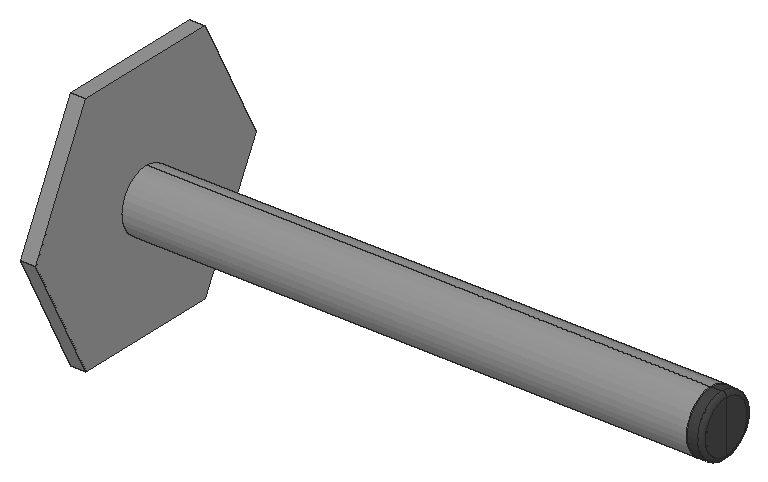
Revit family "Glidehylse_LD_16_Part_P_p_i_t_4031208", category Generic Models, Revit 2019
Family settings
  Can host rebar = No
  Round Connector Dimension = Use Diameter
  Part Type = Normal
  Work Plane-Based = Yes
  Always vertical = No
  Cut with Voids When Loaded = No
  Shared = No
  Room Calculation Point = No
Parameters (values of type "LD16_Part_P")
  Website Link = "https://haucon.dk/produkt/dorn-ld/#variations"
  Total Length = 195 mm
  Technical Data Sheet = "https://haucon.dk/wp-content/uploads/2018/02/TA-Dorn-LD-TI-DK.pdf"
  Sleeve Inner Diameter = 17 mm
  Plastic Black = Plastic Black
  Plastic = PVC, Flexible
  Hexagon Height = 5 mm
  Elevation Height = 100 mm
  Default Elevation = 1219.2 mm
  Cap Height = 5 mm
Types (3, lengths in mm): name | Total Length | Sleeve Inner Diameter | Plastic
  (no name) | 195 | 17 | PVC, Flexible
  LD16_Part_P | 195 | 17 | PVC, Flexible
  LD20_Part_P | 220 | 21 | Plastic Blue
Reference planes
  plane 1 "Center (Front/Back)": y = 0
  plane 2: z = 0
  plane 3 "Center (Left/Right)": x = 0
  plane 4: x = 5
  plane 5: x = 190
  plane 6: x = 195
  plane 7: z = 100
  plane 8: z = 91.5
  plane 9: z = 108.5
Forms (mm)
  Revolve 1, solid, material "PVC, Flexible" <- "Plastic"
    sketch origin (0, 0, 92.286) x (0, 0, -1) y (1, 0, 0)
      loop
        line (-17.714, 5) -> (-16.214, 5) -> (-16.214, 190) -> (-17.714, 190) -> (-17.714, 5)
      axis (-7.714, 190) -> (-7.714, 5)
    angle from 0 to 360
  Revolve 2, solid, material "Plastic Black" <- "Plastic Black"
    sketch origin (0, 0, 89.786) x (0, 0, -1) y (1, 0, 0)
      loop
        line (-20.214, 190) -> (-18.714, 190) -> (-18.714, 193.5) -> (-10.214, 193.5) -> (-10.214, 195) -> (-18.753, 195)
        arc (-18.753, 195) -> (-19.786, 194.572) -> (-20.214, 193.539) r 1.461
        line (-20.214, 193.539) -> (-20.214, 190)
      axis (-10.214, 195) -> (-10.214, 190)
    angle from 0 to 360
  Extrusion 3, solid, material "PVC, Flexible" <- "Plastic"
    sketch origin (0, 0, -50) x (0, 1, 0) y (0, 0, 1)
      loop
        line (44.91, 150) -> (24.313, 190) -> (-24.476, 190) -> (-45.073, 150) -> (-24.476, 110) -> (24.313, 110) -> (44.91, 150)
    from 0 to 5
Dimensions and locks
  equal spacing: plane 9, plane 7, plane 8
  "Sleeve Inner Diameter": plane 9 to plane 8
  "Cap Height": plane 6 to plane 5
  "Hexagon Height": plane 4 to plane 3 "Center (Left/Right)"
  "Elevation Height": plane 7 to level
  "Total Length": plane 6 to plane 3 "Center (Left/Right)"
  locked: Extrusion 3 sketch curve to Extrusion 3 sketch curve at 80  (x3)
  aligned and locked: level to plane 2
  aligned and locked: Revolve 1 to plane 4
  aligned and locked: plane 9 to Revolve 1 sketch curve
  aligned and locked: plane 7 to Revolve 1 sketch curve
  aligned and locked: Revolve 2 sketch curve to plane 9
  aligned and locked: plane 7 to Revolve 2 sketch curve  (x2)
  aligned and locked: plane 5 to Revolve 2 sketch curve
  aligned and locked: Revolve 2 sketch curve to plane 6
  aligned and locked: Revolve 1 sketch curve to plane 5
  aligned and locked: Extrusion 3 to plane 7
Automatic sketch dimensions
  Revolve 2 sketch curve to Revolve 2 sketch curve = 0.711 mm
  Revolve 2 sketch curve to Revolve 2 sketch curve = 0.039 mm  (x2)
  Revolve 2 sketch curve to Revolve 2 sketch curve = 1.739 mm
  Revolve 2 sketch curve to Revolve 2 sketch curve = 1.461 mm
  Revolve 1 sketch curve to plane 4 = 0 mm
  Revolve 1 sketch curve to Revolve 1 sketch curve = 1.5 mm
  Revolve 1 sketch curve to plane 5 = 15.148 mm
  Revolve 1 sketch curve to plane 5 = 0.148 mm
  plane 1 "Center (Front/Back)" to Extrusion 3 sketch curve = 24.476 mm  (x2)
  Extrusion 3 sketch curve to plane 7 = 0 mm
  plane 7 to Extrusion 3 sketch curve = 0 mm
  Extrusion 3 sketch curve to Extrusion 3 sketch curve = 20.597 mm
